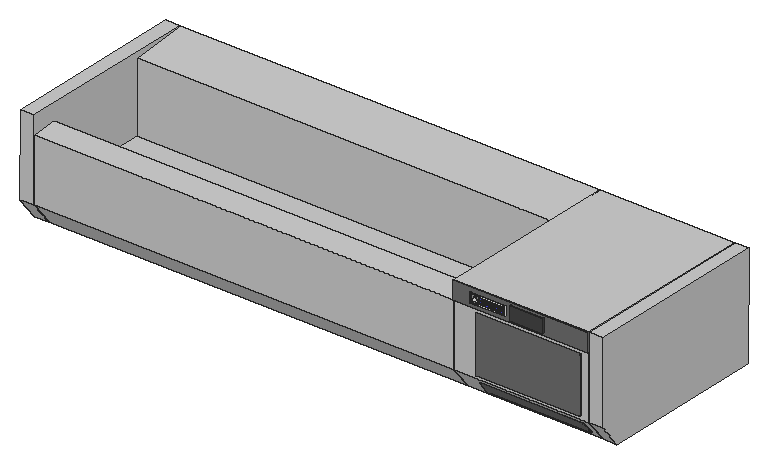
Revit family "Qf_Afinox_VRS1260S", category Specialty Equipment, Revit 2014
Parameters
  Show Logo [instance] = yes
  Show Clearance [instance] = yes
Reference planes
  plane 1 "Back": y = 0
  plane 2: z = 0
  plane 3 "Left": x = 0
  plane 4 "Right": x = 1260
  plane 5 "Front": y = -395
  plane 6 "Top": z = 225
Forms (mm)
  Extrusion 1, solid
    sketch origin (160, 0, 0) x (0, 1, 0) y (0, 0, 1)
      loop
        line (0, 225) -> (-118.091, 213.424) -> (-118.091, 63.424) -> (-342.706, 63.424) -> (-342.706, 191.405) -> (-395, 186.278) -> (-395, 50) -> (-354.511, 0) -> (0, 0) -> (0, 225)
    from -130 to 778
  Extrusion 2, solid
    sketch origin (0, 0, 0) x (0, 1, 0) y (0, 0, 1)
      loop
        line (0, 225) -> (-395, 225) -> (-395, 50) -> (-354.511, 0) -> (0, 0) -> (0, 225)
    from 0 to 30
  Extrusion 3, solid
    sketch origin (1230, 0, 0) x (0, 1, 0) y (0, 0, 1)
      loop
        line (0, 225) -> (-395, 225) -> (-395, 50) -> (-354.511, 0) -> (0, 0) -> (0, 225)
    from 0 to 30
  Extrusion 4, solid
    sketch origin (1200, 0, 0) x (0, 1, 0) y (0, 0, 1)
      loop
        line (0, 225) -> (-395, 225) -> (-395, 50) -> (-354.511, 0) -> (0, 0) -> (0, 225)
    from -262 to 30
  Extrusion 5, solid
    sketch origin (160, -394, -0.038) x (1, 0, 0) y (0, 0, 1)
      loop
        arc (829.65, 178.011) -> (827.352, 177.059) -> (826.4, 174.761) r 3.25
        line (826.4, 174.761) -> (826.4, 59.261)
        arc (826.4, 59.261) -> (827.352, 56.963) -> (829.65, 56.011) r 3.25
        line (829.65, 56.011) -> (1050.15, 56.011)
        arc (1050.15, 56.011) -> (1052.448, 56.963) -> (1053.4, 59.261) r 3.25
        line (1053.4, 59.261) -> (1053.4, 174.761)
        arc (1053.4, 174.761) -> (1052.448, 177.059) -> (1050.15, 178.011) r 3.25
        line (1050.15, 178.011) -> (829.65, 178.011)
    from 0 to 2
  Extrusion 6, solid
    sketch origin (160, -273.564, -98.372) x (1, 0, 0) y (0, -0.62932, 0.777146)
      loop
        arc (829.65, 178.011) -> (827.352, 177.059) -> (826.4, 174.761) r 3.25
        line (826.4, 174.761) -> (826.4, 141.843)
        arc (826.4, 141.843) -> (827.352, 139.544) -> (829.65, 138.593) r 3.25
        line (829.65, 138.593) -> (1050.15, 138.593)
        arc (1050.15, 138.593) -> (1052.448, 139.544) -> (1053.4, 141.843) r 3.25
        line (1053.4, 141.843) -> (1053.4, 174.761)
        arc (1053.4, 174.761) -> (1052.448, 177.059) -> (1050.15, 178.011) r 3.25
        line (1050.15, 178.011) -> (829.65, 178.011)
    from 0 to 2
  Extrusion 7, solid
    sketch origin (152.335, -397, -1.215) x (1, 0, 0) y (0, 0, 1)
      loop
        line (912.065, 221.354) -> (912.065, 192.354) -> (983.065, 192.354) -> (983.065, 221.354) -> (912.065, 221.354)
    from 0 to 3
  Extrusion 8, solid, visible <- "Show Logo"
    sketch origin (797.556, -397, -384.108) x (1, 0, 0) y (0, 0, 1)
      loop
        line (179.287, 599.596) -> (179.287, 579.899) -> (254.287, 579.899) -> (254.287, 599.596) -> (179.287, 599.596)
      loop
        line (199.226, 597.323) -> (199.226, 582.172) -> (253.014, 582.172) -> (253.014, 597.323) -> (199.226, 597.323)
      loop
        line (180.287, 597.323) -> (180.287, 582.172) -> (198.848, 582.172) -> (198.848, 597.323) -> (180.287, 597.323)
    from 0 to 2
  Extrusion 9, solid, visible <- "Show Logo"
    sketch origin (4.53, -397, -622.718) x (1, 0, 0) y (0, 0, 1)
      loop
        arc (994.034, 825.04) -> (994.842, 823.416) -> (996.479, 824.198) r 1.293
        line (996.479, 824.198) -> (996.958, 825.22) -> (1000.192, 825.22) -> (1000.6, 824.198)
        arc (1000.6, 824.198) -> (1002.252, 823.366) -> (1003.039, 825.04) r 1.291
        line (1003.039, 825.04) -> (999.801, 832.415)
        arc (999.801, 832.415) -> (998.57, 833.402) -> (997.337, 832.418) r 1.263
        line (997.337, 832.418) -> (994.034, 825.04)
      loop
        line (999.576, 827.427) -> (998.603, 829.738) -> (997.631, 827.445) -> (999.576, 827.427)
      loop
        line (1004.344, 832.421) -> (1004.344, 824.556)
        arc (1004.344, 824.556) -> (1005.631, 823.448) -> (1006.918, 824.556) r 1.302
        line (1006.918, 824.556) -> (1006.918, 827.178) -> (1010.126, 827.178)
        arc (1010.126, 827.178) -> (1011.3, 828.493) -> (1010.126, 829.808) r 1.323
        line (1010.126, 829.808) -> (1006.918, 829.808) -> (1006.918, 830.954) -> (1010.126, 830.954)
        arc (1010.126, 830.954) -> (1011.264, 832.233) -> (1010.126, 833.511) r 1.287
        line (1010.126, 833.511) -> (1005.326, 833.511)
        arc (1005.326, 833.511) -> (1004.652, 833.13) -> (1004.344, 832.421) r 1.22
      loop
        line (1012.593, 832.457) -> (1012.593, 824.488)
        arc (1012.593, 824.488) -> (1013.928, 823.343) -> (1015.262, 824.488) r 1.35
        line (1015.262, 824.488) -> (1015.262, 832.457)
        arc (1015.262, 832.457) -> (1013.928, 833.516) -> (1012.593, 832.457) r 1.37
      loop
        arc (1019.372, 832.457) -> (1018.038, 833.516) -> (1016.703, 832.457) r 1.37
        line (1016.703, 832.457) -> (1016.703, 824.488)
        arc (1016.703, 824.488) -> (1018.038, 823.343) -> (1019.372, 824.488) r 1.35
        line (1019.372, 824.488) -> (1019.372, 828.473) -> (1022.448, 824.488)
        arc (1022.448, 824.488) -> (1023.783, 823.343) -> (1025.118, 824.488) r 1.35
        line (1025.118, 824.488) -> (1025.118, 832.457)
        arc (1025.118, 832.457) -> (1023.783, 833.516) -> (1022.448, 832.457) r 1.37
        line (1022.448, 832.457) -> (1022.448, 828.473) -> (1019.372, 832.457)
      loop
        circle (1031.159, 828.429) r 5.095
      loop
        circle (1031.159, 828.429) r 2.733
      loop
        line (1036.425, 831.5) -> (1038.763, 828.375) -> (1036.365, 825.267)
        arc (1036.365, 825.267) -> (1036.712, 823.621) -> (1038.393, 823.703) r 1.296
        line (1038.393, 823.703) -> (1040.42, 826.313) -> (1042.28, 823.703)
        arc (1042.28, 823.703) -> (1043.993, 823.58) -> (1044.434, 825.238) r 1.346
        line (1044.434, 825.238) -> (1042.048, 828.408) -> (1044.37, 831.408)
        arc (1044.37, 831.408) -> (1044.07, 833.196) -> (1042.269, 832.987) r 1.316
        line (1042.269, 832.987) -> (1040.366, 830.453) -> (1038.502, 833.054)
        arc (1038.502, 833.054) -> (1036.78, 833.19) -> (1036.425, 831.5) r 1.308
      loop
        line (1046.04, 835.933) -> (992.253, 835.933) -> (992.253, 820.782) -> (1046.04, 820.782) -> (1046.04, 835.933)
    from 0 to 2
  Extrusion 10, solid, visible <- "Show Logo"
    sketch origin (-2.598, -397, -442.664) x (1, 0, 0) y (0, 0, 1)
      loop
        line (980.441, 655.879) -> (980.441, 640.728) -> (999.001, 640.728) -> (999.001, 655.879) -> (980.441, 655.879)
      loop
        arc (982.146, 642.435) -> (982.404, 641.667) -> (983.211, 641.586) r 0.747
        line (983.211, 641.586) -> (989.781, 644.576) -> (996.334, 641.6)
        arc (996.334, 641.6) -> (997.088, 641.702) -> (997.296, 642.435) r 0.695
        line (997.296, 642.435) -> (990.231, 654.688)
        arc (990.231, 654.688) -> (989.721, 654.992) -> (989.211, 654.688) r 0.58
        line (989.211, 654.688) -> (982.146, 642.435)
    from 0 to 2
  Extrusion 11, solid, visible <- "Show Logo"
    sketch origin (-36.886, -397, -392.26) x (1, 0, 0) y (0, 0, 1)
      loop
        arc (1016.435, 592.031) -> (1016.693, 591.262) -> (1017.5, 591.182) r 0.747
        line (1017.5, 591.182) -> (1024.07, 594.172) -> (1030.623, 591.195)
        arc (1030.623, 591.195) -> (1031.377, 591.298) -> (1031.584, 592.031) r 0.695
        line (1031.584, 592.031) -> (1024.52, 604.283)
        arc (1024.52, 604.283) -> (1024.01, 604.588) -> (1023.5, 604.283) r 0.58
        line (1023.5, 604.283) -> (1016.435, 592.031)
      loop
        arc (1035.45, 594.582) -> (1036.258, 592.958) -> (1037.895, 593.739) r 1.293
        line (1037.895, 593.739) -> (1038.374, 594.762) -> (1041.608, 594.762) -> (1042.016, 593.739)
        arc (1042.016, 593.739) -> (1043.668, 592.908) -> (1044.455, 594.582) r 1.291
        line (1044.455, 594.582) -> (1041.218, 601.957)
        arc (1041.218, 601.957) -> (1039.986, 602.943) -> (1038.753, 601.959) r 1.263
        line (1038.753, 601.959) -> (1035.45, 594.582)
      loop
        line (1040.992, 596.969) -> (1040.02, 599.279) -> (1039.047, 596.987) -> (1040.992, 596.969)
      loop
        arc (1045.76, 594.097) -> (1047.047, 592.99) -> (1048.334, 594.097) r 1.302
        line (1048.334, 594.097) -> (1048.334, 596.72) -> (1051.542, 596.72)
        arc (1051.542, 596.72) -> (1052.716, 598.035) -> (1051.542, 599.35) r 1.323
        line (1051.542, 599.35) -> (1048.334, 599.35) -> (1048.334, 600.496) -> (1051.542, 600.496)
        arc (1051.542, 600.496) -> (1052.681, 601.774) -> (1051.542, 603.052) r 1.287
        line (1051.542, 603.052) -> (1046.742, 603.052)
        arc (1046.742, 603.052) -> (1046.069, 602.672) -> (1045.76, 601.962) r 1.22
        line (1045.76, 601.962) -> (1045.76, 594.097)
      loop
        arc (1054.01, 594.029) -> (1055.344, 592.884) -> (1056.679, 594.029) r 1.35
        line (1056.679, 594.029) -> (1056.679, 601.999)
        arc (1056.679, 601.999) -> (1055.344, 603.058) -> (1054.01, 601.999) r 1.37
        line (1054.01, 601.999) -> (1054.01, 594.029)
      loop
        arc (1058.12, 594.029) -> (1059.454, 592.884) -> (1060.789, 594.029) r 1.35
        line (1060.789, 594.029) -> (1060.789, 598.014) -> (1063.865, 594.029)
        arc (1063.865, 594.029) -> (1065.199, 592.884) -> (1066.534, 594.029) r 1.35
        line (1066.534, 594.029) -> (1066.534, 601.999)
        arc (1066.534, 601.999) -> (1065.199, 603.058) -> (1063.865, 601.999) r 1.37
        line (1063.865, 601.999) -> (1063.865, 598.014) -> (1060.789, 601.999)
        arc (1060.789, 601.999) -> (1059.454, 603.058) -> (1058.12, 601.999) r 1.37
        line (1058.12, 601.999) -> (1058.12, 594.029)
      loop
        circle (1072.575, 597.971) r 5.095
      loop
        circle (1072.575, 597.971) r 2.733
      loop
        line (1080.18, 597.917) -> (1077.782, 594.809)
        arc (1077.782, 594.809) -> (1078.129, 593.163) -> (1079.809, 593.245) r 1.296
        line (1079.809, 593.245) -> (1081.836, 595.854) -> (1083.697, 593.245)
        arc (1083.697, 593.245) -> (1085.409, 593.121) -> (1085.851, 594.78) r 1.346
        line (1085.851, 594.78) -> (1083.464, 597.949) -> (1085.787, 600.95)
        arc (1085.787, 600.95) -> (1085.486, 602.737) -> (1083.686, 602.528) r 1.316
        line (1083.686, 602.528) -> (1081.782, 599.994) -> (1079.918, 602.596)
        arc (1079.918, 602.596) -> (1078.197, 602.731) -> (1077.841, 601.041) r 1.308
        line (1077.841, 601.041) -> (1080.18, 597.917)
    from 0 to 2
  Extrusion 12, solid
    sketch origin (25.935, -395, 3.646) x (1, 0, 0) y (0, 0, 1)
      loop
        line (912.065, 221.354) -> (912.065, 182.633) -> (1204.065, 182.633) -> (1204.065, 221.354) -> (912.065, 221.354)
    from 0 to 2
  Extrusion 13, solid
    sketch origin (160, -6.8, 0) x (1, 0, 0) y (0, 0, 1)
      loop
        circle (1050, 20) r 5
    from -17.6 to -6.8
  Extrusion 14, solid
    sketch origin (160, 0, 0) x (1, 0, 0) y (0, 0, 1)
      loop
        line (-130, 13) -> (1070, 13) -> (1070, 186) -> (-130, 186) -> (-130, 13)
      loop
        circle (1050, 20) r 5
    from -10.8 to 0
Lines and regions (mm)
  symbolic lines, style "200-EquipBorder-2D"
    curve 1: line (0, 0, 0) -> (1260, 0, 0)
    curve 2: line (0, -395, 0) -> (0, 0, 0)
    curve 3: line (1260, -395, 0) -> (0, -395, 0)
    curve 4: line (1260, 0, 0) -> (1260, -395, 0)
    curve 10: line (30, 0, 0) -> (30, 10.8, 0)
    curve 11: line (30, 10.8, 0) -> (1230, 10.8, 0)
    curve 12: line (1230, 10.8, 0) -> (1230, 0, 0)
  symbolic lines, style "200-EquipInternal-2D"
    curve 5: line (30, 0, 0) -> (30, -395, 0)
    curve 6: line (938, 0, 0) -> (938, -395, 0)
    curve 7: line (1230, 0, 0) -> (1230, -395, 0)
    curve 8: line (938, -342.706, 0) -> (30, -342.706, 0)
    curve 9: line (30, -118.091, 0) -> (938, -118.091, 0)
Dimensions and locks
  plane 3 "Left" to plane 4 "Right" = 1260 mm
  plane 5 "Front" to plane 1 "Back" = 395 mm
  plane 6 "Top" to level = 225 mm
  aligned and locked: level to plane 2
  aligned and locked: Extrusion 1 to Extrusion 2
Connectors
  electrical at (1210, 10.8, 20)
    settings: on Extrusion 13, index 1, voltage 0 V, apparent load 0 VA, apparent load phase1 0 VA, apparent load phase2 0 VA, apparent load phase3 0 VA, power factor 1, load classification "Other", number of poles 1, system type 31, power factor state 1, is connector primary yes, connector utility no, sub classification motor no, connector description "Electrical connection"
